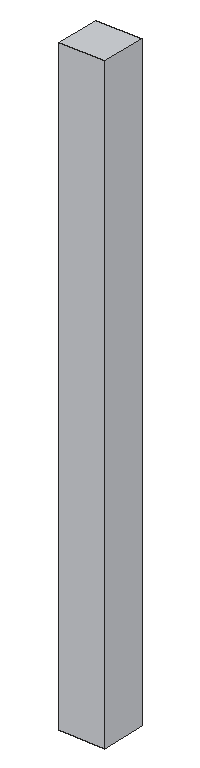
Revit family "Pilar Covenin", category Pilares estructurales, Revit 2022
Family settings
  Forma de sección = Sin definir
  Material para comportamiento de modelo = Otro
  Exportar siempre como geometría = No
  Reducción de viga en plano = Desde cuadro de delimitación
  Número OmniClass = 23.25.30.11.14.11
  Título OmniClass = Columns
  Corte con vacíos al cargar = No
  Representación simbólica = Desde familia
  Compartido = No
  Mostrar corte previo de familia en vistas de plano = Sí
Parameters (values of type "Concreto fc 400")
  norma = "E331100140"
  Profundidad = 300 mm
  Anchura = 300 mm
Types (6, lengths in mm): name | norma
  (no name) | "E331100140"
  Concreto fc 350 | "E331300235"
  Concreto fc 200 | "E331100120"
  Concreto fc 250 | "E331100125"
  Concreto fc 300 | "E331100130"
  Concreto fc 400 | "E331100140"
Reference planes
  plane 1 "Centro (Frontal/Posterior)": y = 0
  plane 2: z = 0
  plane 3 "Centro (Izquierda/Derecha)": x = 0
  plane 4 "Izquierda": x = -150
  plane 5 "Derecha": x = 150
  plane 6 "Posterior": y = 150
  plane 7 "Frontal": y = -150
Forms (mm)
  Extrusion 1, solid
    sketch origin (0, 0, 0) x (1, 0, 0) y (0, 1, 0)
      loop
        line (-150, 150) -> (-150, -150) -> (150, -150) -> (150, 150) -> (-150, 150)
    from 0 to 4000
Dimensions and locks
  equal spacing: plane 4 "Izquierda", plane 3 "Centro (Izquierda/Derecha)", plane 5 "Derecha"
  equal spacing: plane 7 "Frontal", plane 1 "Centro (Frontal/Posterior)", plane 6 "Posterior"
  "Anchura": plane 4 "Izquierda" to plane 5 "Derecha"
  "Profundidad": plane 7 "Frontal" to plane 6 "Posterior"
  aligned and locked: level to plane 2
Automatic sketch dimensions
  Extrusion 1 sketch curve to plane 4 "Izquierda" = 0 mm
  Extrusion 1 sketch curve to plane 5 "Derecha" = 0 mm
  plane 7 "Frontal" to Extrusion 1 sketch curve = 0 mm
  plane 6 "Posterior" to Extrusion 1 sketch curve = 0 mm
